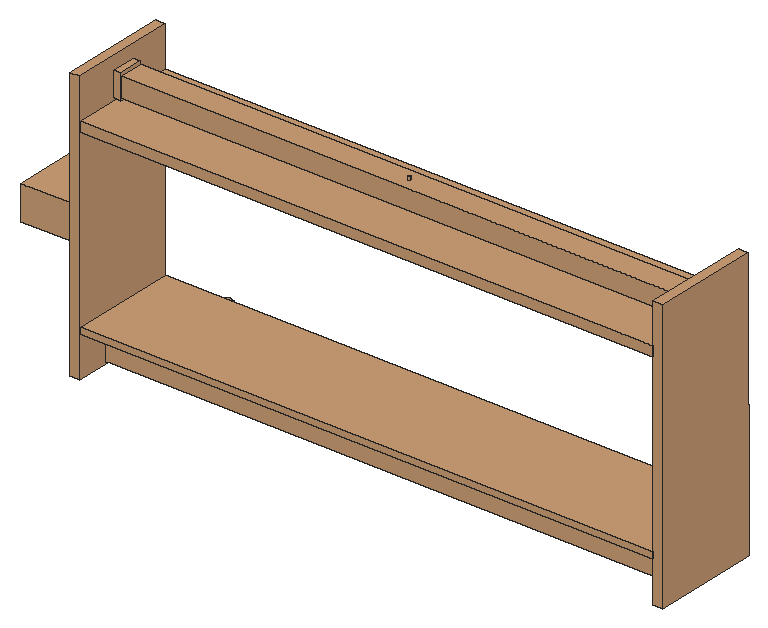
Revit family
Parameters
  Center of Unit = 0' - 0"  # constant formula
  Total Heating Capacity [instance] = 0.0 Btu/h
  Series = "VIFB"
  Outlet Area = 29.50 SF
  Lower Frame Thickness = if(Headers Height = 0' 3", 0' 1 1/4", if(Headers Height = 0' 3 1/4", 0' 1 1/4", 0' 0"))  # 0' - 1 1/4"
  Water Pressure Drop [instance] = 0.00 psi
  Water Flow [instance] = 0 GPM
  Unit Weight (lbs) = 1191
  URL = "http://www.ljwing.com/"
  Water Outlet Radius = 0' - 1 1/2"
  Headers Height = if(M = 0' 1", 0' 3", if(M = 0' 1 1/2", 0' 3 1/4", 0' 0"))  # 0' - 3 1/4"
  Number of Rows = 2  # constant formula
  Number of Coils [instance] = 0
  Nominal Length = 10' - 1 29/32"
  N = 1' - 0 3/4"
  Model = "VB-11W"
  Manufacturer = "LJ Wing"
  M = 0' - 1 1/2"
  Leaving Water Temperature [instance] = 0 °F
  Leaving Air Temperature [instance] = 0 °F
  Entering Water Temperature [instance] = 0 °F
  Entering Air Temperature [instance] = 0 °F
  Description = "Vertical Integral Face & Bypass Water Heating Coils"
  Hot Water Inlet  Radius = 0' - 1 1/2"
  Coil Face Area = Outlet Area * 0.56  # 16.52 SF
  Casing Material = ""
  Assembly Code = "D3020300"
  Air Vent Radius = 0' - 0 1/4"
  Air Pressure Drop [instance] = 0.00 in-wg
  Air Inlet Width = Nominal Length - 0' 4"  # 9' - 9 29/32"
  Air Inlet Height = Y  # 3' - 0"
  Air Flow [instance] = 0 CFM
  Y = 3' - 0"
  S = 0' - 9 3/4"  # constant formula
  Product URL = "http://www.ljwing.com/html/vifb.asp"
  OmniClass = "23-75 70 21 14 "
  Nominal Height = 4' - 8"
  Nominal Depth = 1' - 10"
  R = 0' - 10 1/4"  # constant formula
  Q = 0' - 3 61/64"
Reference planes (in)
  plane 1 "Center (Front/Back)": y = 0
  plane 2: z = -18
  plane 3 "Center (Left/Right)": x = 0
  plane 4: z = 28.25
  plane 5: x = -60.95312
  plane 6: x = 60.95313
  plane 7: z = -27.75
  plane 8: z = 0
  plane 9: y = -11
  plane 10: y = 11
  plane 11: z = 18
  plane 12: z = 20
  plane 13: z = -19.25
  plane 14: x = 58.95313
  plane 15: x = -58.95313
  plane 16: x = -57
  plane 17: x = 57
  plane 18: y = 14.0625
  plane 19: x = -71.95313
  plane 20: z = 25.125
  plane 21: z = 21.125
  plane 22: y = -2.5
  plane 23: y = 2.5
  plane 24: y = -4.5
  plane 25: z = -25.375
  plane 26: x = -48.20312
  plane 27: x = 48.20313
  plane 28: z = -21.375
Forms (in)
  Extrusion 1, solid, material "Painted Finish"
    sketch origin (0, 6, -9.75) x (1, 0, 0) y (0, 0, 1)
      loop
        line (-60.95312, -18) -> (-58.95313, -18) -> (-58.95313, 38) -> (-60.95312, 38) -> (-60.95312, -18)
      loop
        line (60.95313, -18) -> (60.95313, 38) -> (58.95313, 38) -> (58.95313, -18) -> (60.95313, -18)
    from -5 to 17
  Extrusion 2, solid, material "Painted Finish"
    sketch origin (0, 6, 0) x (1, 0, 0) y (0, 0, 1)
      loop
        line (58.95313, -18) -> (-58.95313, -18) -> (-58.95313, -19.25) -> (58.95313, -19.25) -> (58.95313, -18)
      loop
        line (58.95313, 18) -> (58.95313, 20) -> (-58.95313, 20) -> (-58.95313, 18) -> (58.95313, 18)
    from -5 to 17
  Extrusion 3, solid, material "Painted Finish"
    sketch origin (0, 10, -0.5) x (1, 0, 0) y (0, 0, 1)
      loop
        line (-60.95312, 4) -> (-71.95313, 4) -> (-71.95313, -3) -> (-60.95312, -3) -> (-60.95312, 4)
    from 0 to 20
  Extrusion 4, solid, material "Painted Finish"
    sketch origin (0, 6, 0) x (1, 0, 0) y (0, 0, 1)
      loop
        line (-57.32813, 25.125) -> (-57.32813, 21.125) -> (57.32813, 21.125) -> (57.32813, 25.125) -> (-57.32813, 25.125)
    from 3.5 to 8.5
  Extrusion 5, solid, material "Painted Finish"
    sketch origin (0, 0, 0) x (1, 0, 0) y (0, 0, 1)
      loop
        line (-57.32813, 20.625) -> (-57.32813, 25.625) -> (-58.95313, 25.625) -> (-58.95313, 20.625) -> (-57.32813, 20.625)
      loop
        line (58.95313, 20.625) -> (58.95313, 25.625) -> (57.32813, 25.625) -> (57.32813, 20.625) -> (58.95313, 20.625)
    from -2.5 to 2.5
  Extrusion 6, solid, material "Painted Finish"
    sketch origin (0, 6, 0) x (1, 0, 0) y (0, 0, 1)
      loop
        line (-58.45312, -19.75) -> (-58.45312, -19.5) -> (-58.95313, -19.5) -> (-58.95313, -23.25) -> (-58.45312, -23.25) -> (-58.45312, -23) -> (58.45313, -23) -> (58.45313, -23.25) -> (58.95313, -23.25) -> (58.95313, -19.5) -> (58.45313, -19.5) -> (58.45313, -19.75) -> (-58.45312, -19.75)
      loop
        line (58.45313, -27) -> (58.45313, -27.125) -> (58.95313, -27.125) -> (58.95313, -23.5) -> (58.45313, -23.5) -> (58.45313, -23.75) -> (-58.45312, -23.75) -> (-58.45312, -23.5) -> (-58.95313, -23.5) -> (-58.95313, -27.25) -> (-58.45313, -27.25) -> (-58.45313, -27) -> (58.45313, -27)
    from -5 to 10.5
  Extrusion 7, void
    sketch origin (0, 0, 0) x (1, 0, 0) y (0, 0, 1)
      loop
        line (-58.95313, 18) -> (-58.95313, -18) -> (58.95313, -18) -> (58.95313, 18) -> (-58.95313, 18)
    from -11 to 11
  Extrusion 8, solid, material "Painted Finish"
    sketch origin (0, 0, 0) x (1, 0, 0) y (0, 0, 1)
      loop
        circle (48.20313, -25.375) r 1.5
      loop
        circle (-48.20312, -21.375) r 1.5
    from -14.0625 to -11
  Extrusion 9, solid, material "Painted Finish"
    sketch origin (0, 0, 0) x (1, 0, 0) y (0, 1, 0)
      loop
        circle (0, 0) r 0.25
    from 25.125 to 25.625
Cuts and joins
  Extrusion 7 cuts Extrusion 1
  Extrusion 7 cuts Extrusion 2
Dimensions and locks (in)
  "Nominal Length": plane 6 to plane 5
  equal spacing: plane 6, plane 3 "Center (Left/Right)", plane 5
  "S": plane 2 to plane 7
  "Nominal Depth": plane 10 to plane 9
  equal spacing: plane 10, plane 1 "Center (Front/Back)", plane 9
  "Y": plane 11 to plane 2
  "R": plane 4 to plane 11
  locked: plane 12 to plane 11 at 2
  "Lower Frame Thickness": plane 2 to plane 13
  "Q": plane 16 to plane 5
  "Q": plane 6 to plane 17
  locked: plane 18 to plane 10 at 3.0625
  locked: plane 5 to plane 19 at 11
  locked: Extrusion 3 sketch curve to Extrusion 3 sketch curve at 7
  locked: Extrusion 3 to Extrusion 3 at 20
  locked: plane 6 to plane 14 at 2
  locked: plane 15 to plane 5 at 2
  locked: Extrusion 5 sketch curve to plane 20 at 0.5
  locked: plane 21 to Extrusion 5 sketch curve at 0.5
  locked: plane 20 to plane 21 at 4
  locked: plane 23 to plane 22 at 5
  equal spacing: plane 23, plane 1 "Center (Front/Back)", plane 22
  locked: plane 22 to plane 24 at 2
  plane 4 to plane 7 = 4' - 8"
  locked: Extrusion 5 sketch curve to Extrusion 1 at 1.625
  locked: Extrusion 5 sketch curve to Extrusion 5 sketch curve at 1.625
  locked: Extrusion 7 sketch curve to plane 11 at 0
  locked: Extrusion 7 sketch curve to plane 15 at 0
  locked: Extrusion 7 sketch curve to plane 14 at 0
  locked: plane 15 to Extrusion 6 sketch curve at 0.5
  locked: Extrusion 6 sketch curve to Extrusion 6 sketch curve at 0.25  (x2)
  locked: plane 25 to plane 7 at 2.375
  "N": plane 26 to plane 5
  "N": plane 6 to plane 27
  locked: plane 28 to plane 7 at 6.375
  "Headers Height": Extrusion 6 sketch curve to Extrusion 6 sketch curve  (x2)
  locked: Extrusion 8 sketch curve to plane 25 at 0
  locked: Extrusion 8 sketch curve to plane 28 at 0
  locked: Extrusion 9 sketch curve to plane 1 "Center (Front/Back)" at 0
  locked: Extrusion 9 sketch curve to plane 3 "Center (Left/Right)" at 0
  equal spacing: Extrusion 6 sketch curve, plane 28, Extrusion 6 sketch curve
  equal spacing: Extrusion 6 sketch curve, plane 25, Extrusion 6 sketch curve
  locked: plane 4 to plane 20 at 3.125
  locked: Extrusion 7 sketch curve to plane 2 at 0
  equal spacing: plane 11, plane 8, plane 2
  locked: Extrusion 8 sketch curve to plane 27 at 0
  locked: Extrusion 8 sketch curve to plane 26 at 0
  "M": radius of Extrusion 8 sketch curve  (x2)
  "Air Vent Radius": radius of Extrusion 9 sketch curve
  aligned and locked: Extrusion 1 to plane 9
  aligned and locked: Extrusion 1 to plane 10
  aligned and locked: plane 15 to Extrusion 1
  aligned and locked: Extrusion 1 to plane 14
  aligned and locked: plane 9 to Extrusion 2
  aligned and locked: plane 9 to Extrusion 1
  aligned and locked: plane 10 to Extrusion 1  (x2)
  aligned and locked: Extrusion 2 to plane 10
  aligned and locked: plane 10 to Extrusion 2  (x2)
  aligned and locked: Extrusion 2 to plane 9  (x2)
  aligned and locked: plane 5 to Extrusion 3
  aligned and locked: Extrusion 5 sketch curve to plane 15
  aligned and locked: Extrusion 5 sketch curve to Extrusion 4
  aligned and locked: Extrusion 1 to Extrusion 6
  aligned and locked: plane 22 to Extrusion 5
  aligned and locked: Extrusion 5 to Extrusion 4  (x2)
  aligned and locked: Extrusion 5 to plane 23
  aligned and locked: Extrusion 6 to plane 24
  aligned and locked: Extrusion 4 to Extrusion 5  (x2)
  aligned and locked: Extrusion 5 to Extrusion 1  (x2)
  aligned and locked: Extrusion 1 to Extrusion 7  (x2)
  aligned and locked: Extrusion 8 to plane 18
  aligned and locked: Extrusion 8 to plane 10
  aligned and locked: plane 20 to Extrusion 9
  aligned and locked: Extrusion 9 to Extrusion 5
  aligned and locked: plane 2 to cut or joined group of Extrusion 2, Extrusion 7
  aligned and locked: plane 6 to Extrusion 1 sketch curve
  aligned and locked: plane 14 to Extrusion 1 sketch curve
  aligned and locked: Extrusion 1 sketch curve to plane 15
  aligned and locked: Extrusion 1 sketch curve to plane 5
  aligned and locked: Extrusion 1 sketch curve to plane 4  (x2)
  aligned and locked: plane 7 to Extrusion 1 sketch curve
  aligned and locked: Extrusion 1 sketch curve to plane 7
  aligned and locked: Extrusion 2 sketch curve to plane 11
  aligned and locked: Extrusion 2 sketch curve to plane 12
  aligned and locked: plane 2 to Extrusion 2 sketch curve
  aligned and locked: Extrusion 2 sketch curve to plane 13
  aligned and locked: Extrusion 2 sketch curve to plane 14  (x2)
  aligned and locked: Extrusion 2 sketch curve to plane 15  (x2)
  aligned and locked: plane 20 to Extrusion 4 sketch curve
  aligned and locked: Extrusion 4 sketch curve to plane 21
  aligned and locked: Extrusion 6 sketch curve to plane 14  (x2)
  aligned and locked: plane 15 to Extrusion 6 sketch curve  (x2)
Automatic sketch dimensions
  Extrusion 3 sketch curve to plane 19 = 0' - 0"
  Extrusion 3 sketch curve to plane 5 = 0' - 0"
  plane 8 to Extrusion 3 sketch curve = 0' - 3 1/2"
  Extrusion 4 sketch curve to plane 16 = 0' - 0 21/64"
  plane 17 to Extrusion 4 sketch curve = 0' - 0 21/64"
  plane 21 to Extrusion 5 sketch curve = 0' - 0 1/2"
  Extrusion 5 sketch curve to plane 20 = 0' - 0 1/2"
  plane 15 to Extrusion 6 sketch curve = 0' - 0 1/2"  (x2)
  Extrusion 6 sketch curve to Extrusion 6 sketch curve = 0' - 0 1/4"  (x5)
  Extrusion 6 sketch curve to Extrusion 6 sketch curve = 0' - 0"  (x2)
  Extrusion 6 sketch curve to plane 14 = 0' - 0 1/2"  (x2)
  Extrusion 6 sketch curve to Extrusion 6 sketch curve = 0' - 0 1/2"
  Extrusion 6 sketch curve to plane 7 = 0' - 0 5/8"
Connectors (in)
  hvac at (0, -11, 0), driven by "Air Inlet Height", driven by "Air Inlet Width", driven by "Air Flow", driven by "Air Pressure Drop"
    settings: on Extrusion 7, index 1
  hvac at (0, 11, 0), driven by "Air Pressure Drop", driven by "Air Inlet Height", driven by "Air Inlet Width", driven by "Air Flow"
    settings: on Extrusion 7, index 2
  piping at (-48.20312, 14.0625, -21.375), driven by "M", driven by "Water Flow", driven by "Water Pressure Drop"
    settings: on Extrusion 8, index 4
  piping at (48.20313, 14.0625, -25.375), driven by "Water Pressure Drop", driven by "Water Flow", driven by "M"
    settings: on Extrusion 8, index 5
